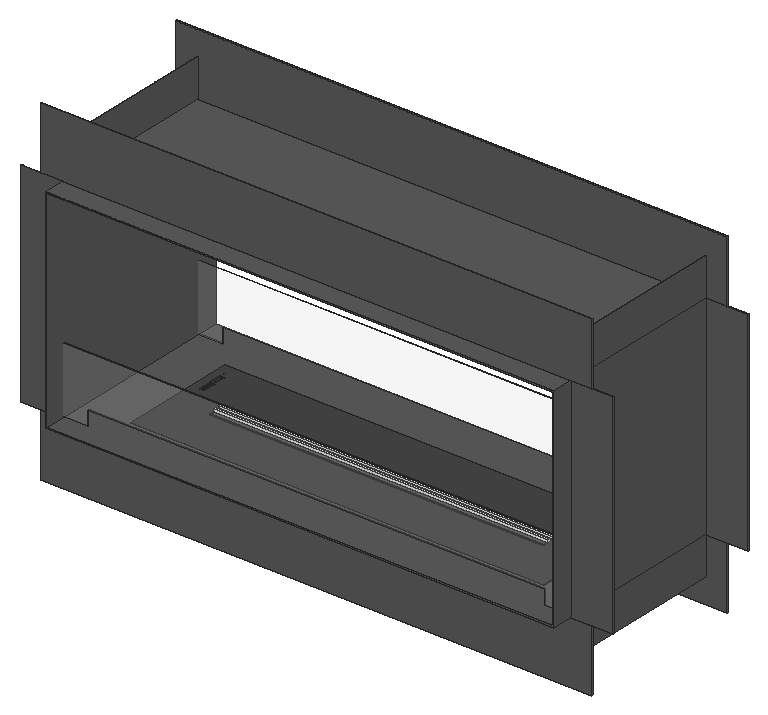
Revit family "1PLANIKA_FLA3_CASING_FORMA_SEE-THROUGH", category Attrezzatura meccanica, host Muro, Revit 2017
Family settings
  Host = Muro
  Quota connettore circolare = Usa diametro
  Tipo di parte = Normale
  Sempre verticale = Sì
  Taglio con vuoti quando caricato = No
  Condiviso = No
  Punto di calcolo locali = Sì
Parameters (values of type "FLA3_FORMA_1200_SEE-THROUGH")
  HOST WALL DEPTH = 506 mm
  URL = "https://www.planikafires.com"
  TECHNICAL SHEET = "https://www.planikausa.com/indoor-ethanol-fireplaces/see-through/forma-double-sided/"
  PRODUCT SHEET = "https://www.archiproducts.com/en/products/planika/bioethanol-fireplace-insert-fla-3-in-casing-forma_431075"
  POWER SUPPLY = 230 V
  NET WEIGHT = 80.40 kg
  Modello = "FLA3 in FORMA SEE-THROUGH"
  Produttore = "PLANIKA"
  MINIMUM ROOM CUBATURE = 81 m³
  MAXIMUM HEAT OUTPUT = 8.1 kWh
  MAXIMUM BURN TIME = "10 hours"
  MATERIAL DESCRIPTION = "Steel, galvanized steel, toughened glass."
  LENGTH = 1320 mm
  HEIGHT = 710 mm
  FUEL TYPE = "Bioethanol 86 - 96,6%"
  FUEL TANK CAPACITY = 5.5 L
  FORMA LENGTH = 1219 mm
  FLAME HEIGHT REGULATION = "6 stages"
  FLA 3 LENGTH = 990 mm
  FINISHING MATERIAL = Black painted steel -  Planika
  ENVIRONMENTAL PERFORMANCE = "Maximum heat output: 8.1 kWh"
  Descrizione = "With a wide range of customization options, configurations and lengths, Planika’s FORMA see-through firebox can be fitted into virtually any space, be it a modern apartment or a traditional house! The main advantage of this solution is the self-contained zero clearance construction, giving architects and builders endless design possibilities. With two open sides, FORMA see-through firebox creates a perfect room divider, infusing warmth and ambiance into your living space."
  DEPTH = 406 mm
  CASING FINISH = Black powder coated steel - Planika
  BIM USER MANUAL = "https://img.edilportale.com/bim/Planika-manual-Planika-bim.pdf"
  BIM BADGE = "https://bim.archiproducts.com/en/badge/bim-archiproducts-featured_658700/about"
  BIM AUTHOR = "https://bim.archiproducts.com"
  APPLICATION = "For indoor use only"
  AIR CHANGE RATE = "1 space volume per hour"
Types (6, lengths in mm): name | NET WEIGHT | MINIMUM ROOM CUBATURE | MAXIMUM HEAT OUTPUT | MAXIMUM BURN TIME | LENGTH | FUEL TANK CAPACITY | FORMA LENGTH | FLA 3 LENGTH | ENVIRONMENTAL PERFORMANCE
  FLA3_FORMA_1200_SEE-THROUGH | 80.40 kg | 81 m³ | 8.1 kWh | "10 hours" | 1320 | 5.5 L | 1219 | 990 | "Maximum heat output: 8.1 kWh"
  FLA3_FORMA_1000_SEE-THROUGH | 67.80 kg | 69 m³ | 6.9 kWh | "32 hours" | 1120 | 4.5 L | 1016 | 790 | "Maximum heat output: 6.9 kWh"
  FLA3_FORMA_1500_SEE-THROUGH | 96.60 kg | 113 m³ | 11.2 kWh | "10 hours" | 1630 | 8.3 L | 1524 | 1190 | "Maximum heat output: 11.2 kWh"
  FLA3_FORMA_1800_SEE-THROUGH | 113.40 kg | 150 m³ | 15 kWh | "10 hours" | 1930 | 10.0 L | 1911 | 1490 | "Maximum heat output: 15 kWh"
  FLA3_FORMA_2300_SEE-THROUGH | 157.10 kg | 212 m³ | 21.2 kWh | "10 hours" | 2440 | 12.5 L | 2337 | 1990 | "Maximum heat output: 21.2 kWh"
  FLA3_FORMA_2700_SEE-THROUGH | 229.90 kg | 275 m³ | 27.5 kWh | "10 hours" | 2800 | 15.0 L | 2692 | 2490 | "Maximum heat output: 27.5 kWh"
Reference planes
  plane 1 "Wall": y = 0
  plane 2 "Center (Left/Right)": x = 125
  plane 3 "Back": y = 253
  plane 4: x = 734.5
  plane 5: x = -484.5
Forms (mm)
  Extrusion 1, void
    sketch origin (125, 0, 0) x (0, 1, 0) y (0, 0, 1)
      loop
        line (-253, 1898.739) -> (-253, 1390.739) -> (-125.097, 1390.739) -> (-125.097, 1210.739) -> (125.1, 1210.739) -> (125.1, 1390.739) -> (253, 1390.739) -> (253, 1898.739) -> (-253, 1898.739)
    from -609.5 to 609.5
Text (mm)
  text "Placement Side" at (-1848.837, 1116.779, 0), in view "Ref. Level"
  text "Placement side" at (0, 1409.804, 2854.306), in view "Left"
  text "Placement side" at (0, 499.811, 2980.732), in view "Right"
Dimensions and locks
  locked: plane 3 "Back" to host wall
  equal spacing: plane 4, plane 2 "Center (Left/Right)", plane 5
  "FORMA LENGTH": plane 4 to plane 5
  locked: plane 3 "Back" to nested 2 at 253
  aligned and locked: plane 1 "Wall" to host wall
  aligned and locked: nested 1 to plane 2 "Center (Left/Right)"
  aligned and locked: nested 2 to plane 2 "Center (Left/Right)"
  aligned and locked: Extrusion 1 sketch curve to host wall
  aligned and locked: Extrusion 1 sketch curve to nested 2  (x2)
  aligned and locked: nested 2 to Extrusion 1 sketch curve
  aligned and locked: Extrusion 1 to plane 5
  aligned and locked: plane 4 to Extrusion 1
  aligned and locked: Extrusion 1 sketch curve to nested 1
Automatic sketch dimensions
  Extrusion 1 sketch curve to Extrusion 1 sketch curve = 180 mm  (x2)
  Extrusion 1 sketch curve to Extrusion 1 sketch curve = 508 mm
Nested families
  nested 1: "CASING_FORMA" at (125, 203, 1644.739) x (-1, 0, 0) z (0, 1, 0), Length <- "FORMA LENGTH", MATERIAL <- "CASING FINISH", type "CASING_FORMA"
    with MATERIAL Black powder coated steel - Planika, Length 1219 mm
  nested 2: "FLA_3" at (125, 0, 1210.739) x (-1, 0, 0) z (0, 0, 1), Length <- "FLA 3 LENGTH", Material <- "FINISHING MATERIAL", type "FLA_3"
    with Material Black painted steel -  Planika, Length 990 mm
Connectors
  electrical at (220.704, -23.031, 1211.739), driven by "POWER SUPPLY"
    settings: on nested 2, index 1, voltage 230 V, apparent load 0 VA, apparent load phase1 0 VA, apparent load phase2 0 VA, apparent load phase3 0 VA, power factor 1, load classification "Power", number of poles 1, system type 31, power factor state 1, is connector primary yes, connector utility no, sub classification motor no, connector description ""
Definition of nested family "CASING_FORMA"
  Parameters (values of type "CASING_FORMA")
    Width = 406 mm
    Height = 688 mm
    Length [instance] = 1219 mm
    MATERIAL [instance] = none
    Default Elevation = 1219.2 mm
  Reference planes
    plane 1 "Center (Front/Back)": y = 0
    plane 2: z = 0
    plane 3 "Center (Left/Right)": x = 0
    plane 4: x = -609.5
    plane 5: x = 609.5
    plane 6: y = 344
    plane 7: y = -344
    plane 8: z = -406
  Forms (mm)
    Extrusion 1, solid, material <- "MATERIAL", detail levels fine
      sketch origin (0, 0, 0) x (1, 0, 0) y (0, 1, 0)
        loop
          line (-709.5, -254) -> (-609.5, -254) -> (-609.5, 254) -> (-709.5, 254) -> (-709.5, -254)
        loop
          line (609.5, -254) -> (709.5, -254) -> (709.5, 254) -> (609.5, 254) -> (609.5, -254)
      from -2.5 to 0
    Extrusion 2, solid, material <- "MATERIAL", detail levels fine
      sketch origin (0, 0, 0) x (1, 0, 0) y (0, 1, 0)
        loop
          line (-659.5, 254) -> (659.5, 254) -> (659.5, 404) -> (-659.5, 404) -> (-659.5, 254)
      from -2.5 to 0
    Extrusion 3, solid, material <- "MATERIAL", detail levels fine
      sketch origin (0, 300, 0) x (1, 0, 0) y (0, 1, 0)
        loop
          line (-659.5, -554) -> (-659.5, -704) -> (659.5, -704) -> (659.5, -554) -> (-659.5, -554)
      from -2.5 to 0
    Extrusion 4, solid, material <- "MATERIAL", detail levels fine
      sketch origin (0, 0, 0) x (1, 0, 0) y (0, 0, 1)
        loop
          line (609.5, -2.5) -> (607, -2.5) -> (607, -403.5) -> (609.5, -403.5) -> (609.5, -2.5)
        loop
          line (-609.5, -2.5) -> (-609.5, -403.5) -> (-607, -403.5) -> (-607, -2.5) -> (-609.5, -2.5)
      from -344 to -254
    Extrusion 5, solid, material <- "MATERIAL", detail levels fine
      sketch origin (10, 0, 0) x (1, 0, 0) y (0, 0, 1)
        loop
          line (599.5, -2.5) -> (597, -2.5) -> (597, -403.5) -> (599.5, -403.5) -> (599.5, -2.5)
        loop
          line (-619.5, -2.5) -> (-619.5, -403.5) -> (-617, -403.5) -> (-617, -2.5) -> (-619.5, -2.5)
      from 254 to 344
    Extrusion 6, solid, material <- "MATERIAL", detail levels fine
      sketch origin (0, 0, 0) x (1, 0, 0) y (0, 1, 0)
        loop
          line (-659.5, 254) -> (659.5, 254) -> (659.5, 404) -> (-659.5, 404) -> (-659.5, 254)
      from -403.5 to -406
    Extrusion 7, solid, material <- "MATERIAL", detail levels fine
      sketch origin (0, 0, 0) x (1, 0, 0) y (0, 1, 0)
        loop
          line (-659.5, -404) -> (659.5, -404) -> (659.5, -254) -> (-659.5, -254) -> (-659.5, -404)
      from -403.5 to -406
    Extrusion 8, solid, material <- "MATERIAL", detail levels fine
      sketch origin (0, 0, 0) x (1, 0, 0) y (0, 1, 0)
        loop
          line (-609.5, -254) -> (-609.5, 254) -> (-709.5, 254) -> (-709.5, -254) -> (-609.5, -254)
        loop
          line (609.5, -254) -> (709.5, -254) -> (709.5, 254) -> (609.5, 254) -> (609.5, -254)
      from -406 to -403.5
    Extrusion 9, solid, material <- "MATERIAL", detail levels medium+fine
      sketch origin (0, 0, 0) x (1, 0, 0) y (0, 1, 0)
        loop
          line (-609.5, -254) -> (609.5, -254) -> (609.5, 254) -> (-609.5, 254) -> (-609.5, -254)
        loop
          line (607, 251.5) -> (-607, 251.5) -> (-607, -251.5) -> (607, -251.5) -> (607, 251.5)
      from 50 to -456
    Extrusion 10, solid, detail levels fine
      sketch origin (50, 0, 0) x (1, 0, 0) y (0, 1, 0)
        loop
          line (-657, -251.5) -> (-597, -251.5) -> (-597, -216.5) -> (497, -216.5) -> (497, -251.5) -> (557, -251.5) -> (557, -91.5) -> (-657, -91.5) -> (-657, -251.5)
      from -403.5 to -406
    Extrusion 11, solid, detail levels fine
      sketch origin (250, 0, 0) x (1, 0, 0) y (0, 1, 0)
        loop
          line (-857, -251.5) -> (-797, -251.5) -> (-797, -216.5) -> (297, -216.5) -> (297, -251.5) -> (357, -251.5) -> (357, -91.5) -> (-857, -91.5) -> (-857, -251.5)
      from -2.5 to 0
  Dimensions and locks
    "Length": plane 4 to plane 5
    equal spacing: plane 4, plane 3 "Center (Left/Right)", plane 5
    equal spacing: plane 7, plane 1 "Center (Front/Back)", plane 6
    "Height": plane 7 to plane 6
    "Width": plane 2 to plane 8
    locked: Extrusion 1 sketch curve to plane 4 at 100
    locked: plane 5 to Extrusion 1 sketch curve at 100
    locked: Extrusion 2 sketch curve to plane 4 at 50
    locked: plane 5 to Extrusion 2 sketch curve at 50
    Extrusion 2 sketch curve to plane 6 to Extrusion 2 sketch curve = 60 mm locked, 90 mm locked
    locked: Extrusion 3 sketch curve to plane 4 at 50
    locked: plane 5 to Extrusion 3 sketch curve at 50
    Extrusion 3 sketch curve to plane 7 to Extrusion 3 sketch curve = 90 mm locked, 60 mm locked
    locked: Extrusion 3 to Extrusion 3 at 2.5
    locked: Extrusion 2 to Extrusion 2 at 2.5
    locked: Extrusion 7 to Extrusion 7 at 2.5
    locked: Extrusion 9 sketch curve to Extrusion 9 sketch curve at 2.5  (x4)
    locked: Extrusion 9 to plane 2 at 50
    locked: plane 8 to Extrusion 9 at 50
    Extrusion 10 sketch curve to Extrusion 10 sketch curve to Extrusion 10 sketch curve = 35 mm locked, 125 mm locked
    locked: Extrusion 10 sketch curve to Extrusion 10 sketch curve at 60  (x2)
    Extrusion 11 sketch curve to Extrusion 11 sketch curve to Extrusion 11 sketch curve = 35 mm locked, 125 mm locked
    locked: Extrusion 11 sketch curve to Extrusion 11 sketch curve at 60  (x2)
    aligned and locked: level to plane 2
    aligned and locked: plane 4 to Extrusion 1 sketch curve
    aligned and locked: plane 5 to Extrusion 1 sketch curve
    aligned and locked: Extrusion 1 sketch curve to Extrusion 2  (x2)
    aligned and locked: Extrusion 1 sketch curve to Extrusion 3  (x2)
    aligned and locked: plane 2 to Extrusion 2
    aligned and locked: plane 2 to Extrusion 3
    aligned and locked: plane 5 to Extrusion 4 sketch curve
    aligned and locked: Extrusion 4 sketch curve to plane 4
    aligned and locked: Extrusion 4 to Extrusion 2
    aligned and locked: Extrusion 4 to plane 6
    aligned and locked: plane 7 to Extrusion 5
    aligned and locked: Extrusion 3 to Extrusion 5
    aligned and locked: Extrusion 3 to Extrusion 4 sketch curve  (x2)
    aligned and locked: Extrusion 3 to Extrusion 5 sketch curve  (x2)
    aligned and locked: Extrusion 6 sketch curve to Extrusion 2  (x4)
    aligned and locked: Extrusion 7 sketch curve to Extrusion 3  (x4)
    aligned and locked: Extrusion 8 sketch curve to Extrusion 1  (x6)
    aligned and locked: plane 8 to Extrusion 7
    aligned and locked: plane 8 to Extrusion 6
    aligned and locked: Extrusion 6 to Extrusion 7
    aligned and locked: Extrusion 3 to Extrusion 1
    aligned and locked: plane 8 to Extrusion 8
    aligned and locked: Extrusion 8 to Extrusion 7
    aligned and locked: Extrusion 9 sketch curve to plane 5
    aligned and locked: Extrusion 9 sketch curve to plane 4
    aligned and locked: Extrusion 9 sketch curve to Extrusion 2
    aligned and locked: Extrusion 9 sketch curve to Extrusion 3
    aligned and locked: Extrusion 9 to Extrusion 5  (x4)
    aligned and locked: plane 2 to Extrusion 1
    aligned and locked: Extrusion 10 sketch curve to Extrusion 9  (x3)
    aligned and locked: Extrusion 9 to Extrusion 10 sketch curve
    aligned and locked: Extrusion 10 to plane 8
    aligned and locked: Extrusion 7 to Extrusion 10
    aligned and locked: Extrusion 11 to Extrusion 9  (x4)
    aligned and locked: Extrusion 3 to Extrusion 11  (x2)
  Automatic sketch dimensions
    plane 4 to Extrusion 4 sketch curve = 2.5 mm
    plane 5 to Extrusion 4 sketch curve = 2.5 mm
    plane 8 to Extrusion 4 sketch curve = 2.5 mm  (x2)
    Extrusion 5 sketch curve to plane 4 = 0 mm
    plane 5 to Extrusion 5 sketch curve = 0 mm
    plane 4 to Extrusion 5 sketch curve = 2.5 mm
    plane 5 to Extrusion 5 sketch curve = 2.5 mm
    plane 8 to Extrusion 5 sketch curve = 2.5 mm  (x2)
    Extrusion 8 sketch curve to plane 7 = 90 mm  (x2)
    Extrusion 11 sketch curve to plane 7 = 92.5 mm
    plane 4 to Extrusion 11 sketch curve = 2.5 mm
    plane 5 to Extrusion 11 sketch curve = 62.5 mm
    Extrusion 11 sketch curve to Extrusion 11 sketch curve = 35 mm
Definition of nested family "FLA_3"
  Parameters (values of type "FLA_3")
    URL = ""
    Model = ""
    Manufacturer = ""
    Material [instance] = none
    Length [instance] = 990 mm
    Description = ""
    Default Elevation = 1219.2 mm
  Reference planes
    plane 1 "Center (Front/Back)": y = 0
    plane 2: z = 0
    plane 3 "Center (Left/Right)": x = 0
    plane 4: x = -495
    plane 5: x = 495
    plane 6: x = -400
    plane 7: x = 400
    plane 8: x = -447.5
    plane 9: x = 447.5
    plane 10 "Level 1": z = 0
    plane 11: z = 235.862
  Forms (mm)
    Extrusion 1, solid, material <- "Material", detail levels fine
      sketch origin (0, 0, 0) x (0, 1, 0) y (-1, 0, 0)
        loop
          line (-139.982, 495) -> (-139.982, -495) -> (139.98, -495) -> (139.98, 495) -> (-139.982, 495)
        loop
          line (-19.978, 400) -> (-19.978, -400) -> (23.031, -400) -> (23.031, 400) -> (-19.978, 400)
        loop
          line (-72.434, 475) -> (-101.434, 475) -> (-101.434, 470) -> (-72.434, 470) -> (-72.434, 475)
        loop
          line (-72.434, 468) -> (-101.434, 468) -> (-101.434, 463) -> (-72.434, 463) -> (-72.434, 468)
        loop
          line (-41.457, 475) -> (-70.457, 475) -> (-70.457, 470) -> (-41.457, 470) -> (-41.457, 475)
        loop
          line (-41.457, 468) -> (-70.457, 468) -> (-70.457, 463) -> (-41.457, 463) -> (-41.457, 468)
        loop
          line (-70.457, -475) -> (-41.457, -475) -> (-41.457, -470) -> (-70.457, -470) -> (-70.457, -475)
        loop
          line (-70.457, -468) -> (-41.457, -468) -> (-41.457, -463) -> (-70.457, -463) -> (-70.457, -468)
        loop
          line (-101.434, -475) -> (-72.434, -475) -> (-72.434, -470) -> (-101.434, -470) -> (-101.434, -475)
        loop
          line (-101.434, -468) -> (-72.434, -468) -> (-72.434, -463) -> (-101.434, -463) -> (-101.434, -468)
      from 180 to 183
    Extrusion 2, solid, detail levels fine
      sketch origin (0, 0, 0) x (0, 1, 0) y (-1, 0, 0)
        loop
          line (125.097, -480) -> (125.097, 480) -> (-125.1, 480) -> (-125.1, -480) -> (125.097, -480)
        loop
          line (-122.1, -477) -> (122.097, -477) -> (122.097, 477) -> (-122.1, 477) -> (-122.1, -477)
      from 0 to 180
    Extrusion 3, solid, detail levels fine
      sketch origin (-500, 1995.821, 1200) x (0, 1, 0) y (0, 0, 1)
        loop
          arc (-1972.79, -1017) -> (-1977.026, -1018.755) -> (-1978.781, -1022.99) r 5.99
          line (-1978.781, -1022.99) -> (-1978.781, -1040.489) -> (-1976.085, -1040.489) -> (-1976.085, -1022.99)
          arc (-1976.085, -1022.99) -> (-1975.12, -1020.661) -> (-1972.79, -1019.696) r 3.294
          line (-1972.79, -1019.696) -> (-1972.79, -1017)
        loop
          line (-2015.801, -1017) -> (-2015.801, -1019.696)
          arc (-2015.801, -1019.696) -> (-2013.472, -1020.661) -> (-2012.507, -1022.99) r 3.294
          line (-2012.507, -1022.99) -> (-2012.507, -1040.489) -> (-2009.81, -1040.489) -> (-2009.81, -1022.99)
          arc (-2009.81, -1022.99) -> (-2011.565, -1018.755) -> (-2015.801, -1017) r 5.99
      from 100 to 900
    Extrusion 4, solid, detail levels fine
      sketch origin (0, 0, 0) x (0, 1, 0) y (-1, 0, 0)
        loop
          line (122.097, 477) -> (-122.1, 477) -> (-122.1, -477) -> (122.097, -477) -> (122.097, 477)
      from 0 to 3
    Extrusion 5, solid, detail levels medium
      sketch origin (0, 0, 0) x (0, 1, 0) y (-1, 0, 0)
        loop
          line (-139.982, 495) -> (-139.982, -495) -> (139.98, -495) -> (139.98, 495) -> (-139.982, 495)
      from 0 to 183
    Extrusion 6, solid, detail levels fine
      sketch origin (-447.5, 1994.334, 1200) x (0, 1, 0) y (0, 0, 1)
        loop
          line (-1984.329, -1012.199) -> (-1989.312, -1012.199) -> (-1989.312, -1015.189) -> (-1985.824, -1015.189) -> (-1985.824, -1022.166) -> (-2002.767, -1022.166) -> (-2002.767, -1015.189) -> (-1999.279, -1015.189) -> (-1999.279, -1012.199) -> (-2004.262, -1012.199) -> (-2004.262, -1042.1) -> (-1984.329, -1042.1) -> (-1984.329, -1012.199)
      from 47.5 to 847.5
    Extrusion 7, solid, detail levels fine
      sketch origin (0, 0, 0) x (1, 0, 0) y (0, 1, 0)
        loop
          circle (-95.704, 23.031) r 10
      from 0 to 1
  Dimensions and locks
    equal spacing: plane 4, plane 3 "Center (Left/Right)", plane 5
    "Length": plane 4 to plane 5
    locked: plane 4 to plane 6 at 95
    locked: plane 7 to plane 5 at 95
    equal spacing: plane 4, plane 8, plane 6
    equal spacing: plane 7, plane 9, plane 5
    locked: plane 10 "Level 1" to plane 2
    Extrusion 6 sketch curve to Extrusion 6 sketch curve to Extrusion 6 sketch curve to Extrusion 6 sketch curve = 19.934 mm locked, 6.977 mm locked, 2.99 mm locked
    locked: plane 10 "Level 1" to Extrusion 6 sketch curve at 157.9
    Extrusion 3 sketch curve to Extrusion 3 sketch curve to Extrusion 3 sketch curve to plane 10 "Level 1" = 2.696 mm locked, 20.792 mm locked, 159.511 mm locked
    locked: plane 11 to plane 10 "Level 1" at 235.862
    aligned and locked: level to plane 2
    aligned and locked: Extrusion 1 sketch curve to plane 4
    aligned and locked: plane 5 to Extrusion 1 sketch curve
    aligned and locked: Extrusion 3 to plane 6
    aligned and locked: plane 7 to Extrusion 3
    aligned and locked: Extrusion 5 sketch curve to Extrusion 1  (x2)
    aligned and locked: Extrusion 6 to Extrusion 1  (x2)
    aligned and locked: Extrusion 1 sketch curve to plane 7
    aligned and locked: plane 4 to nested 1
    aligned and locked: nested 1 to plane 5
    aligned and locked: nested 1 to Extrusion 1  (x2)
    aligned and locked: nested 2 to plane 10 "Level 1"
    aligned and locked: nested 2 to plane 11
    aligned and locked: plane 4 to nested 2
    aligned and locked: plane 5 to nested 2
    aligned and locked: nested 3 to plane 10 "Level 1"
    aligned and locked: nested 3 to plane 11
    aligned and locked: nested 3 to Extrusion 5  (x2)
  Automatic sketch dimensions
    Extrusion 3 sketch curve to Extrusion 3 sketch curve = 0 mm  (x3)
    plane 1 "Center (Front/Back)" to Extrusion 3 sketch curve = 16.685 mm
    Extrusion 3 sketch curve to Extrusion 3 sketch curve = 2.696 mm
    Extrusion 3 sketch curve to Extrusion 3 sketch curve = 3.294 mm
    Extrusion 3 sketch curve to Extrusion 3 sketch curve = 17.498 mm  (x2)
    Extrusion 3 sketch curve to plane 1 "Center (Front/Back)" = 17.041 mm
    plane 1 "Center (Front/Back)" to Extrusion 6 sketch curve = 9.928 mm
    plane 1 "Center (Front/Back)" to Extrusion 6 sketch curve = 8.433 mm
    plane 1 "Center (Front/Back)" to Extrusion 6 sketch curve = 4.945 mm
    Extrusion 6 sketch curve to plane 1 "Center (Front/Back)" = 5.022 mm
    Extrusion 6 sketch curve to Extrusion 6 sketch curve = 3.488 mm
    Extrusion 6 sketch curve to Extrusion 6 sketch curve = 1.495 mm
    Extrusion 6 sketch curve to Extrusion 6 sketch curve = 6.977 mm
    Extrusion 6 sketch curve to Extrusion 6 sketch curve = 2.99 mm
    plane 1 "Center (Front/Back)" to Extrusion 5 sketch curve = 139.982 mm
    Extrusion 5 sketch curve to plane 1 "Center (Front/Back)" = 139.98 mm
    plane 4 to Extrusion 2 sketch curve = 15 mm
    plane 1 "Center (Front/Back)" to Extrusion 2 sketch curve = 125.1 mm
    Extrusion 2 sketch curve to Extrusion 2 sketch curve = 3 mm  (x4)
    Extrusion 2 sketch curve to plane 5 = 18 mm
    Extrusion 2 sketch curve to plane 1 "Center (Front/Back)" = 122.097 mm
    Extrusion 1 sketch curve to plane 6 = 0 mm
    plane 1 "Center (Front/Back)" to Extrusion 1 sketch curve = 139.982 mm
    Extrusion 1 sketch curve to plane 5 = 20 mm  (x2)
    Extrusion 1 sketch curve to Extrusion 1 sketch curve = 38.548 mm  (x2)
    Extrusion 1 sketch curve to Extrusion 1 sketch curve = 0 mm  (x10)
    Extrusion 1 sketch curve to plane 8 = 15.5 mm
    Extrusion 1 sketch curve to Extrusion 1 sketch curve = 29 mm  (x4)
    Extrusion 1 sketch curve to Extrusion 1 sketch curve = 1.977 mm  (x4)
    plane 1 "Center (Front/Back)" to Extrusion 1 sketch curve = 19.978 mm
    Extrusion 1 sketch curve to plane 1 "Center (Front/Back)" = 23.031 mm
    Extrusion 1 sketch curve to plane 1 "Center (Front/Back)" = 139.98 mm
    Extrusion 1 sketch curve to Extrusion 1 sketch curve = 5 mm  (x7)
    Extrusion 1 sketch curve to Extrusion 1 sketch curve = 2 mm  (x2)
    plane 4 to Extrusion 4 sketch curve = 18 mm
    plane 1 "Center (Front/Back)" to Extrusion 4 sketch curve = 122.1 mm
    Extrusion 4 sketch curve to plane 1 "Center (Front/Back)" = 122.097 mm
    Extrusion 4 sketch curve to plane 5 = 18 mm
    Extrusion 7 sketch curve to plane 1 "Center (Front/Back)" = 23.031 mm
    Extrusion 7 sketch curve to plane 3 "Center (Left/Right)" = 95.704 mm
    radius of Extrusion 7 sketch curve = 10 mm
  Nested families
    nested 1: "FIREPLACE_SYMBOL_detail item" at (0, -0.001, 0), WIDTH <- "Length", type "FIREPLACE_SYMBOL_detail item", detail levels coarse
      with WIDTH 990 mm, HEIGHT 279.962 mm
    nested 2: "FIREPLACE_SYMBOL_detail item" at (0, 0, 117.931) x (1, 0, 0) z (0, -1, 0), type "FIREPLACE_SYMBOL_detail item", detail levels coarse
      with WIDTH 990 mm, HEIGHT 235.862 mm
    nested 3: "FIREPLACE_SYMBOL_detail item" at (0, -0.001, 117.931) x (0, 1, 0) z (1, 0, 0), type "FIREPLACE_SYMBOL_detail item", detail levels coarse
      with WIDTH 279.962 mm, HEIGHT 235.862 mm
  Definition of nested family "FIREPLACE_SYMBOL_detail item"
    Parameters (values of type "FIREPLACE_SYMBOL_detail item")
      WIDTH [instance] = 500 mm
      HEIGHT [instance] = 500 mm
    Reference planes
      plane 1 "Center (Front/Back)": y = 0
      plane 2: z = 0
      plane 3 "Center (Left/Right)": x = 0
      plane 4: x = 250
      plane 5: x = -250
      plane 6: y = 250
      plane 7: y = -250
    Lines and regions (mm)
      Filled region 1, type "Concrete", in view "Ref. Level"
        outline origin (-246.617, 90, 0) x (1, 0, 0) y (0, 1, 0)
          loop
            line (-3.383, -340) -> (496.617, -340) -> (496.617, 160) -> (-3.383, -340)
      detail lines, in view "Ref. Level"
        curve 1: line (-250, 250, 0) -> (250, 250, 0)
        curve 2: line (-250, -250, 0) -> (-250, 250, 0)
        curve 3: line (250, -250, 0) -> (-250, -250, 0)
        curve 4: line (250, 250, 0) -> (250, -250, 0)
    Dimensions and locks
      equal spacing: plane 5, plane 3 "Center (Left/Right)", plane 4
      equal spacing: plane 7, plane 1 "Center (Front/Back)", plane 6
      "WIDTH": plane 5 to plane 4
      "HEIGHT": plane 7 to plane 6
      aligned and locked: plane 6 to curve 1
      aligned and locked: plane 5 to curve 2
      aligned and locked: curve 3 to plane 7
      aligned and locked: curve 4 to plane 4
      aligned and locked: plane 6 to Filled region 1 sketch curve
      aligned and locked: plane 5 to Filled region 1 sketch curve
      aligned and locked: Filled region 1 sketch curve to plane 4
      aligned and locked: plane 7 to Filled region 1 sketch curve
